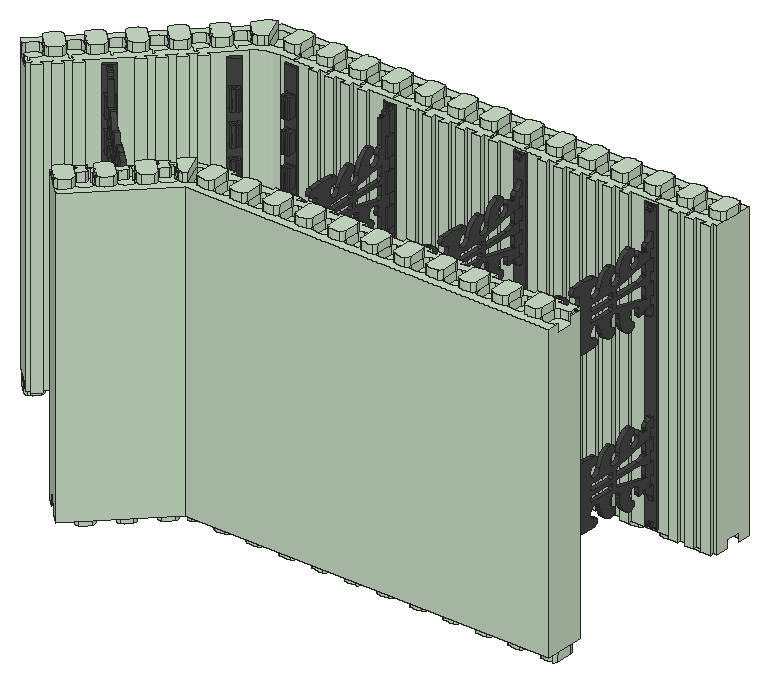
Revit family "ICF- NUDURA 10-inch- 45 Degree Form Unit- Imperial", category Generic Models, Revit 2010
Reference planes (in)
  plane 1 "Center (Front/Back)": y = 0
  plane 2: z = 0
  plane 3 "Center (Left/Right)": x = 0
  plane 4: y = 5
  plane 5: y = -5
  plane 6: through (-2.65685, 4.41421, 48) normal (0.7071, -0.7071, 0)
  plane 7: through (4.67464, 4.67464, 48) normal (0.7071, -0.7071, 0)
  plane 8: through (8.21018, 1.13911, 48) normal (0.7071, -0.7071, 0)
  plane 9: z = 18
Forms (in)
  Extrusion 1, solid, material "NUDURA Expanded Polystyrene Foam Insulation"
    sketch origin (0, 0, 0) x (1, 0, 0) y (0, 1, 0)
      loop
        line (-3.15838, 7.625) -> (-12.01911, -1.23573) -> (-10.33973, -2.91511) -> (-10.14091, -2.71629) -> (-10.00821, -2.93714) -> (-9.61058, -2.53952) -> (-9.83144, -2.40681) -> (-9.43381, -2.00919) -> (-9.30111, -2.23004) -> (-8.90348, -1.83241) -> (-9.12433, -1.69971) -> (-8.7267, -1.30208) -> (-8.594, -1.52293) -> (-8.19637, -1.1253) -> (-8.41722, -0.9926) -> (-6.60538, 0.81924) -> (-6.47268, 0.59839) -> (-6.07505, 0.99602) -> (-6.2959, 1.12872) -> (-5.89827, 1.52635) -> (-5.76557, 1.3055) -> (-5.36794, 1.70313) -> (-5.58879, 1.83583) -> (-5.19117, 2.23346) -> (-5.05846, 2.0126) -> (-4.66084, 2.41023) -> (-4.88169, 2.54293) -> (-4.48406, 2.94056) -> (-4.35136, 2.71971) -> (-3.95373, 3.11734) -> (-4.17458, 3.25004) -> (-2.76041, 4.66421)
        arc (-2.76041, 4.66421) -> (-2.11156, 5.09776) -> (-1.34619, 5.25) r 2
        line (-1.34619, 5.25) -> (0.65375, 5.25) -> (0.59142, 5) -> (1.15375, 5) -> (1.09142, 5.25) -> (1.65375, 5.25) -> (1.59142, 5) -> (2.15375, 5) -> (2.09142, 5.25) -> (2.65375, 5.25) -> (2.59142, 5) -> (3.15375, 5) -> (3.09142, 5.25) -> (3.65375, 5.25) -> (3.59142, 5) -> (4.15375, 5) -> (4.09142, 5.25) -> (6.65375, 5.25) -> (6.59142, 5) -> (7.15375, 5) -> (7.09142, 5.25) -> (7.65375, 5.25) -> (7.59142, 5) -> (8.15375, 5) -> (8.09142, 5.25) -> (8.65375, 5.25) -> (8.59142, 5) -> (9.15375, 5) -> (9.09142, 5.25) -> (9.65375, 5.25) -> (9.59142, 5) -> (10.15375, 5) -> (10.09142, 5.25) -> (10.65375, 5.25) -> (10.59142, 5) -> (11.15375, 5) -> (11.09142, 5.25) -> (11.65375, 5.25) -> (11.59142, 5) -> (12.15375, 5) -> (12.09142, 5.25) -> (14.65375, 5.25) -> (14.59142, 5) -> (15.15375, 5) -> (15.09142, 5.25) -> (15.65375, 5.25) -> (15.59142, 5) -> (16.15375, 5) -> (16.09142, 5.25) -> (16.65375, 5.25) -> (16.59142, 5) -> (17.15375, 5) -> (17.09142, 5.25) -> (17.65375, 5.25) -> (17.59142, 5) -> (18.15375, 5) -> (18.09142, 5.25) -> (18.65375, 5.25) -> (18.59142, 5) -> (19.15375, 5) -> (19.09142, 5.25) -> (19.65375, 5.25) -> (19.59142, 5) -> (20.15375, 5) -> (20.09142, 5.25) -> (22.65375, 5.25) -> (22.59142, 5) -> (23.15375, 5) -> (23.09142, 5.25) -> (23.65375, 5.25) -> (23.59142, 5) -> (24.15375, 5) -> (24.09142, 5.25) -> (24.65375, 5.25) -> (24.59142, 5) -> (25.15375, 5) -> (25.09142, 5.25) -> (25.37258, 5.25) -> (25.37258, 7.625) -> (-3.15838, 7.625)
      loop
        line (25.37258, -5.25) -> (25.09142, -5.25) -> (25.15375, -5) -> (24.59142, -5) -> (24.65375, -5.25) -> (24.09142, -5.25) -> (24.15375, -5) -> (23.59142, -5) -> (23.65375, -5.25) -> (23.09142, -5.25) -> (23.15375, -5) -> (22.59142, -5) -> (22.65375, -5.25) -> (20.09142, -5.25) -> (20.15375, -5) -> (19.59142, -5) -> (19.65375, -5.25) -> (19.09142, -5.25) -> (19.15375, -5) -> (18.59142, -5) -> (18.65375, -5.25) -> (18.09142, -5.25) -> (18.15375, -5) -> (17.59142, -5) -> (17.65375, -5.25) -> (17.09142, -5.25) -> (17.15375, -5) -> (16.59142, -5) -> (16.65375, -5.25) -> (16.09142, -5.25) -> (16.15375, -5) -> (15.59142, -5) -> (15.65375, -5.25) -> (15.09142, -5.25) -> (15.15375, -5) -> (14.59142, -5) -> (14.65375, -5.25) -> (12.09142, -5.25) -> (12.15375, -5) -> (11.59142, -5) -> (11.65375, -5.25) -> (11.09142, -5.25) -> (11.15375, -5) -> (10.59142, -5) -> (10.65375, -5.25) -> (10.09142, -5.25) -> (10.15375, -5) -> (9.59142, -5) -> (9.65375, -5.25) -> (9.09142, -5.25) -> (9.15375, -5) -> (8.59142, -5) -> (8.65375, -5.25) -> (8.09142, -5.25) -> (8.15375, -5) -> (7.59142, -5) -> (7.65375, -5.25) -> (7.09142, -5.25) -> (7.15375, -5) -> (6.59142, -5) -> (6.65375, -5.25) -> (4.09142, -5.25) -> (4.15375, -5) -> (3.59142, -5) -> (3.65375, -5.25) -> (3.00305, -5.25)
        arc (3.00305, -5.25) -> (2.23768, -5.40224) -> (1.58883, -5.83579) r 2
        line (1.58883, -5.83579) -> (1.12872, -6.2959) -> (0.99602, -6.07505) -> (0.59839, -6.47268) -> (0.81924, -6.60538) -> (-0.9926, -8.41722) -> (-1.1253, -8.19637) -> (-1.52293, -8.594) -> (-1.30208, -8.7267) -> (-1.69971, -9.12433) -> (-1.83241, -8.90348) -> (-2.23004, -9.30111) -> (-2.00919, -9.43381) -> (-2.40681, -9.83144) -> (-2.53952, -9.61058) -> (-2.93714, -10.00821) -> (-2.71629, -10.14091) -> (-2.91511, -10.33973) -> (-1.23573, -12.01911) -> (3.15838, -7.625) -> (25.37258, -7.625) -> (25.37258, -5.25)
    from 0 to 18
  Extrusion 2, solid, material "NUDURA Expanded Polystyrene Foam Insulation"
    sketch origin (-0.82843, 2, 0) x (1, 0, 0) y (0, 1, 0)
      loop
        line (-1.52741, 3.6875) -> (-2.09947, 5.06856)
        arc (-2.09947, 5.06856) -> (-2.3696, 4.92417) -> (-2.60638, 4.72985) r 1.5625
        line (-2.60638, 4.72985) -> (-2.74959, 4.58664)
        arc (-2.74959, 4.58664) -> (-2.85744, 4.46046) -> (-2.94431, 4.31902) r 1.0625
        arc (-2.94431, 4.31902) -> (-2.96867, 4.16628) -> (-2.8985, 4.02844) r 0.25
        line (-2.8985, 4.02844) -> (-2.24713, 3.37708)
        arc (-2.24713, 3.37708) -> (-2.10929, 3.3069) -> (-1.95655, 3.33126) r 0.25
        arc (-1.95655, 3.33126) -> (-1.81511, 3.41814) -> (-1.68893, 3.52598) r 1.0625
        line (-1.68893, 3.52598) -> (-1.52741, 3.6875)
    from 18 to 18.5
  Extrusion 3, solid, material "NUDURA Expanded Polystyrene Foam Insulation"
    sketch origin (-0.82843, 2, 0) x (1, 0, 0) y (0, 1, 0)
      loop
        line (-1.52741, 3.6875) -> (-1.29899, 3.6875)
        arc (-1.29899, 3.6875) -> (-1.13351, 3.70047) -> (-0.97207, 3.73905) r 1.0625
        arc (-0.97207, 3.73905) -> (-0.84684, 3.82983) -> (-0.79899, 3.97692) r 0.25
        line (-0.79899, 3.97692) -> (-0.79899, 4.89808)
        arc (-0.79899, 4.89808) -> (-0.84684, 5.04517) -> (-0.97207, 5.13595) r 0.25
        arc (-0.97207, 5.13595) -> (-1.13351, 5.17453) -> (-1.29899, 5.1875) r 1.0625
        line (-1.29899, 5.1875) -> (-1.50152, 5.1875)
        arc (-1.50152, 5.1875) -> (-1.80635, 5.15748) -> (-2.09947, 5.06856) r 1.5625
        line (-2.09947, 5.06856) -> (-1.52741, 3.6875)
    from 0 to -0.5
  Extrusion 4, void
    sketch origin (0.57763, -2.23448, 0) x (1, 0, 0) y (0, 1, 0)
      loop
        arc (-1.33783, -8.60117) -> (-1.07021, -8.40645) -> (-0.87549, -8.13883) r 1.0625
        arc (-0.87549, -8.13883) -> (-0.85114, -7.98608) -> (-0.92131, -7.84824) r 0.25
        line (-0.92131, -7.84824) -> (-1.57267, -7.19688)
        arc (-1.57267, -7.19688) -> (-1.64938, -7.14456) -> (-1.7399, -7.12384) r 0.25
        arc (-1.7399, -7.12384) -> (-1.76253, -7.11866) -> (-1.78171, -7.10558) r 0.0625
        line (-1.78171, -7.10558) -> (-2.02643, -6.86086) -> (-2.14723, -6.98165) -> (-1.99053, -7.13835)
        arc (-1.99053, -7.13835) -> (-1.97244, -7.18765) -> (-1.99833, -7.23335) r 0.0625
        arc (-1.99833, -7.23335) -> (-2.18471, -7.40379) -> (-2.32559, -7.6134) r 1.0625
        arc (-2.32559, -7.6134) -> (-2.34995, -7.76615) -> (-2.27978, -7.90399) r 0.25
        line (-2.27978, -7.90399) -> (-1.62842, -8.55535)
        arc (-1.62842, -8.55535) -> (-1.49058, -8.62552) -> (-1.33783, -8.60117) r 0.25
    from 18 to 17.5
  Extrusion 5, void
    sketch origin (1.99184, -0.82027, 0) x (1, 0, 0) y (0, 1, 0)
      loop
        arc (-1.33783, -8.60117) -> (-1.07021, -8.40645) -> (-0.87549, -8.13883) r 1.0625
        arc (-0.87549, -8.13883) -> (-0.85114, -7.98608) -> (-0.92131, -7.84824) r 0.25
        line (-0.92131, -7.84824) -> (-1.57267, -7.19688)
        arc (-1.57267, -7.19688) -> (-1.64938, -7.14456) -> (-1.7399, -7.12384) r 0.25
        arc (-1.7399, -7.12384) -> (-1.76253, -7.11866) -> (-1.78171, -7.10558) r 0.0625
        line (-1.78171, -7.10558) -> (-2.02643, -6.86086) -> (-2.14723, -6.98165) -> (-1.99053, -7.13835)
        arc (-1.99053, -7.13835) -> (-1.97244, -7.18765) -> (-1.99833, -7.23335) r 0.0625
        arc (-1.99833, -7.23335) -> (-2.18471, -7.40379) -> (-2.32559, -7.6134) r 1.0625
        arc (-2.32559, -7.6134) -> (-2.34995, -7.76615) -> (-2.27978, -7.90399) r 0.25
        line (-2.27978, -7.90399) -> (-1.62842, -8.55535)
        arc (-1.62842, -8.55535) -> (-1.49058, -8.62552) -> (-1.33783, -8.60117) r 0.25
    from 18 to 17.5
  Extrusion 6, void
    sketch origin (11.57359, -1.98846, 0) x (0.707107, -0.707107, 0) y (0.707107, 0.707107, 0)
      loop
        arc (-1.33783, -8.60117) -> (-1.07021, -8.40645) -> (-0.87549, -8.13883) r 1.0625
        arc (-0.87549, -8.13883) -> (-0.85114, -7.98608) -> (-0.92131, -7.84824) r 0.25
        line (-0.92131, -7.84824) -> (-1.57267, -7.19688)
        arc (-1.57267, -7.19688) -> (-1.64938, -7.14456) -> (-1.7399, -7.12384) r 0.25
        arc (-1.7399, -7.12384) -> (-1.76253, -7.11866) -> (-1.78171, -7.10558) r 0.0625
        line (-1.78171, -7.10558) -> (-2.02643, -6.86086) -> (-2.14723, -6.98165) -> (-1.99053, -7.13835)
        arc (-1.99053, -7.13835) -> (-1.97244, -7.18765) -> (-1.99833, -7.23335) r 0.0625
        arc (-1.99833, -7.23335) -> (-2.18471, -7.40379) -> (-2.32559, -7.6134) r 1.0625
        arc (-2.32559, -7.6134) -> (-2.34995, -7.76615) -> (-2.27978, -7.90399) r 0.25
        line (-2.27978, -7.90399) -> (-1.62842, -8.55535)
        arc (-1.62842, -8.55535) -> (-1.49058, -8.62552) -> (-1.33783, -8.60117) r 0.25
    from 18 to 17.5
  Extrusion 7, void
    sketch origin (13.57359, -1.98846, 0) x (0.707107, -0.707107, 0) y (0.707107, 0.707107, 0)
      loop
        arc (-1.33783, -8.60117) -> (-1.07021, -8.40645) -> (-0.87549, -8.13883) r 1.0625
        arc (-0.87549, -8.13883) -> (-0.85114, -7.98608) -> (-0.92131, -7.84824) r 0.25
        line (-0.92131, -7.84824) -> (-1.57267, -7.19688)
        arc (-1.57267, -7.19688) -> (-1.64938, -7.14456) -> (-1.7399, -7.12384) r 0.25
        arc (-1.7399, -7.12384) -> (-1.76253, -7.11866) -> (-1.78171, -7.10558) r 0.0625
        line (-1.78171, -7.10558) -> (-2.02643, -6.86086) -> (-2.14723, -6.98165) -> (-1.99053, -7.13835)
        arc (-1.99053, -7.13835) -> (-1.97244, -7.18765) -> (-1.99833, -7.23335) r 0.0625
        arc (-1.99833, -7.23335) -> (-2.18471, -7.40379) -> (-2.32559, -7.6134) r 1.0625
        arc (-2.32559, -7.6134) -> (-2.34995, -7.76615) -> (-2.27978, -7.90399) r 0.25
        line (-2.27978, -7.90399) -> (-1.62842, -8.55535)
        arc (-1.62842, -8.55535) -> (-1.49058, -8.62552) -> (-1.33783, -8.60117) r 0.25
    from 18 to 17.5
  Extrusion 8, void
    sketch origin (15.57359, -1.98846, 0) x (0.707107, -0.707107, 0) y (0.707107, 0.707107, 0)
      loop
        arc (-1.33783, -8.60117) -> (-1.07021, -8.40645) -> (-0.87549, -8.13883) r 1.0625
        arc (-0.87549, -8.13883) -> (-0.85114, -7.98608) -> (-0.92131, -7.84824) r 0.25
        line (-0.92131, -7.84824) -> (-1.57267, -7.19688)
        arc (-1.57267, -7.19688) -> (-1.64938, -7.14456) -> (-1.7399, -7.12384) r 0.25
        arc (-1.7399, -7.12384) -> (-1.76253, -7.11866) -> (-1.78171, -7.10558) r 0.0625
        line (-1.78171, -7.10558) -> (-2.02643, -6.86086) -> (-2.14723, -6.98165) -> (-1.99053, -7.13835)
        arc (-1.99053, -7.13835) -> (-1.97244, -7.18765) -> (-1.99833, -7.23335) r 0.0625
        arc (-1.99833, -7.23335) -> (-2.18471, -7.40379) -> (-2.32559, -7.6134) r 1.0625
        arc (-2.32559, -7.6134) -> (-2.34995, -7.76615) -> (-2.27978, -7.90399) r 0.25
        line (-2.27978, -7.90399) -> (-1.62842, -8.55535)
        arc (-1.62842, -8.55535) -> (-1.49058, -8.62552) -> (-1.33783, -8.60117) r 0.25
    from 18 to 17.5
  Extrusion 9, void
    sketch origin (17.57359, -1.98846, 0) x (0.707107, -0.707107, 0) y (0.707107, 0.707107, 0)
      loop
        arc (-1.33783, -8.60117) -> (-1.07021, -8.40645) -> (-0.87549, -8.13883) r 1.0625
        arc (-0.87549, -8.13883) -> (-0.85114, -7.98608) -> (-0.92131, -7.84824) r 0.25
        line (-0.92131, -7.84824) -> (-1.57267, -7.19688)
        arc (-1.57267, -7.19688) -> (-1.64938, -7.14456) -> (-1.7399, -7.12384) r 0.25
        arc (-1.7399, -7.12384) -> (-1.76253, -7.11866) -> (-1.78171, -7.10558) r 0.0625
        line (-1.78171, -7.10558) -> (-2.02643, -6.86086) -> (-2.14723, -6.98165) -> (-1.99053, -7.13835)
        arc (-1.99053, -7.13835) -> (-1.97244, -7.18765) -> (-1.99833, -7.23335) r 0.0625
        arc (-1.99833, -7.23335) -> (-2.18471, -7.40379) -> (-2.32559, -7.6134) r 1.0625
        arc (-2.32559, -7.6134) -> (-2.34995, -7.76615) -> (-2.27978, -7.90399) r 0.25
        line (-2.27978, -7.90399) -> (-1.62842, -8.55535)
        arc (-1.62842, -8.55535) -> (-1.49058, -8.62552) -> (-1.33783, -8.60117) r 0.25
    from 18 to 17.5
  Extrusion 10, void
    sketch origin (19.57359, -1.98846, 0) x (0.707107, -0.707107, 0) y (0.707107, 0.707107, 0)
      loop
        arc (-1.33783, -8.60117) -> (-1.07021, -8.40645) -> (-0.87549, -8.13883) r 1.0625
        arc (-0.87549, -8.13883) -> (-0.85114, -7.98608) -> (-0.92131, -7.84824) r 0.25
        line (-0.92131, -7.84824) -> (-1.57267, -7.19688)
        arc (-1.57267, -7.19688) -> (-1.64938, -7.14456) -> (-1.7399, -7.12384) r 0.25
        arc (-1.7399, -7.12384) -> (-1.76253, -7.11866) -> (-1.78171, -7.10558) r 0.0625
        line (-1.78171, -7.10558) -> (-2.02643, -6.86086) -> (-2.14723, -6.98165) -> (-1.99053, -7.13835)
        arc (-1.99053, -7.13835) -> (-1.97244, -7.18765) -> (-1.99833, -7.23335) r 0.0625
        arc (-1.99833, -7.23335) -> (-2.18471, -7.40379) -> (-2.32559, -7.6134) r 1.0625
        arc (-2.32559, -7.6134) -> (-2.34995, -7.76615) -> (-2.27978, -7.90399) r 0.25
        line (-2.27978, -7.90399) -> (-1.62842, -8.55535)
        arc (-1.62842, -8.55535) -> (-1.49058, -8.62552) -> (-1.33783, -8.60117) r 0.25
    from 18 to 17.5
  Extrusion 11, void
    sketch origin (21.57359, -1.98846, 0) x (0.707107, -0.707107, 0) y (0.707107, 0.707107, 0)
      loop
        arc (-1.33783, -8.60117) -> (-1.07021, -8.40645) -> (-0.87549, -8.13883) r 1.0625
        arc (-0.87549, -8.13883) -> (-0.85114, -7.98608) -> (-0.92131, -7.84824) r 0.25
        line (-0.92131, -7.84824) -> (-1.57267, -7.19688)
        arc (-1.57267, -7.19688) -> (-1.64938, -7.14456) -> (-1.7399, -7.12384) r 0.25
        arc (-1.7399, -7.12384) -> (-1.76253, -7.11866) -> (-1.78171, -7.10558) r 0.0625
        line (-1.78171, -7.10558) -> (-2.02643, -6.86086) -> (-2.14723, -6.98165) -> (-1.99053, -7.13835)
        arc (-1.99053, -7.13835) -> (-1.97244, -7.18765) -> (-1.99833, -7.23335) r 0.0625
        arc (-1.99833, -7.23335) -> (-2.18471, -7.40379) -> (-2.32559, -7.6134) r 1.0625
        arc (-2.32559, -7.6134) -> (-2.34995, -7.76615) -> (-2.27978, -7.90399) r 0.25
        line (-2.27978, -7.90399) -> (-1.62842, -8.55535)
        arc (-1.62842, -8.55535) -> (-1.49058, -8.62552) -> (-1.33783, -8.60117) r 0.25
    from 18 to 17.5
  Extrusion 12, void
    sketch origin (23.57359, -1.98846, 0) x (0.707107, -0.707107, 0) y (0.707107, 0.707107, 0)
      loop
        arc (-1.33783, -8.60117) -> (-1.07021, -8.40645) -> (-0.87549, -8.13883) r 1.0625
        arc (-0.87549, -8.13883) -> (-0.85114, -7.98608) -> (-0.92131, -7.84824) r 0.25
        line (-0.92131, -7.84824) -> (-1.57267, -7.19688)
        arc (-1.57267, -7.19688) -> (-1.64938, -7.14456) -> (-1.7399, -7.12384) r 0.25
        arc (-1.7399, -7.12384) -> (-1.76253, -7.11866) -> (-1.78171, -7.10558) r 0.0625
        line (-1.78171, -7.10558) -> (-2.02643, -6.86086) -> (-2.14723, -6.98165) -> (-1.99053, -7.13835)
        arc (-1.99053, -7.13835) -> (-1.97244, -7.18765) -> (-1.99833, -7.23335) r 0.0625
        arc (-1.99833, -7.23335) -> (-2.18471, -7.40379) -> (-2.32559, -7.6134) r 1.0625
        arc (-2.32559, -7.6134) -> (-2.34995, -7.76615) -> (-2.27978, -7.90399) r 0.25
        line (-2.27978, -7.90399) -> (-1.62842, -8.55535)
        arc (-1.62842, -8.55535) -> (-1.49058, -8.62552) -> (-1.33783, -8.60117) r 0.25
    from 18 to 17.5
  Extrusion 13, void
    sketch origin (25.57359, -1.98846, 0) x (0.707107, -0.707107, 0) y (0.707107, 0.707107, 0)
      loop
        arc (-1.33783, -8.60117) -> (-1.07021, -8.40645) -> (-0.87549, -8.13883) r 1.0625
        arc (-0.87549, -8.13883) -> (-0.85114, -7.98608) -> (-0.92131, -7.84824) r 0.25
        line (-0.92131, -7.84824) -> (-1.57267, -7.19688)
        arc (-1.57267, -7.19688) -> (-1.64938, -7.14456) -> (-1.7399, -7.12384) r 0.25
        arc (-1.7399, -7.12384) -> (-1.76253, -7.11866) -> (-1.78171, -7.10558) r 0.0625
        line (-1.78171, -7.10558) -> (-2.02643, -6.86086) -> (-2.14723, -6.98165) -> (-1.99053, -7.13835)
        arc (-1.99053, -7.13835) -> (-1.97244, -7.18765) -> (-1.99833, -7.23335) r 0.0625
        arc (-1.99833, -7.23335) -> (-2.18471, -7.40379) -> (-2.32559, -7.6134) r 1.0625
        arc (-2.32559, -7.6134) -> (-2.34995, -7.76615) -> (-2.27978, -7.90399) r 0.25
        line (-2.27978, -7.90399) -> (-1.62842, -8.55535)
        arc (-1.62842, -8.55535) -> (-1.49058, -8.62552) -> (-1.33783, -8.60117) r 0.25
    from 18 to 17.5
  Extrusion 14, void
    sketch origin (27.57359, -1.98846, 0) x (0.707107, -0.707107, 0) y (0.707107, 0.707107, 0)
      loop
        arc (-1.33783, -8.60117) -> (-1.07021, -8.40645) -> (-0.87549, -8.13883) r 1.0625
        arc (-0.87549, -8.13883) -> (-0.85114, -7.98608) -> (-0.92131, -7.84824) r 0.25
        line (-0.92131, -7.84824) -> (-1.57267, -7.19688)
        arc (-1.57267, -7.19688) -> (-1.64938, -7.14456) -> (-1.7399, -7.12384) r 0.25
        arc (-1.7399, -7.12384) -> (-1.76253, -7.11866) -> (-1.78171, -7.10558) r 0.0625
        line (-1.78171, -7.10558) -> (-2.02643, -6.86086) -> (-2.14723, -6.98165) -> (-1.99053, -7.13835)
        arc (-1.99053, -7.13835) -> (-1.97244, -7.18765) -> (-1.99833, -7.23335) r 0.0625
        arc (-1.99833, -7.23335) -> (-2.18471, -7.40379) -> (-2.32559, -7.6134) r 1.0625
        arc (-2.32559, -7.6134) -> (-2.34995, -7.76615) -> (-2.27978, -7.90399) r 0.25
        line (-2.27978, -7.90399) -> (-1.62842, -8.55535)
        arc (-1.62842, -8.55535) -> (-1.49058, -8.62552) -> (-1.33783, -8.60117) r 0.25
    from 18 to 17.5
  Extrusion 15, void
    sketch origin (29.57359, -1.98846, 0) x (0.707107, -0.707107, 0) y (0.707107, 0.707107, 0)
      loop
        arc (-1.33783, -8.60117) -> (-1.07021, -8.40645) -> (-0.87549, -8.13883) r 1.0625
        arc (-0.87549, -8.13883) -> (-0.85114, -7.98608) -> (-0.92131, -7.84824) r 0.25
        line (-0.92131, -7.84824) -> (-1.57267, -7.19688)
        arc (-1.57267, -7.19688) -> (-1.64938, -7.14456) -> (-1.7399, -7.12384) r 0.25
        arc (-1.7399, -7.12384) -> (-1.76253, -7.11866) -> (-1.78171, -7.10558) r 0.0625
        line (-1.78171, -7.10558) -> (-2.02643, -6.86086) -> (-2.14723, -6.98165) -> (-1.99053, -7.13835)
        arc (-1.99053, -7.13835) -> (-1.97244, -7.18765) -> (-1.99833, -7.23335) r 0.0625
        arc (-1.99833, -7.23335) -> (-2.18471, -7.40379) -> (-2.32559, -7.6134) r 1.0625
        arc (-2.32559, -7.6134) -> (-2.34995, -7.76615) -> (-2.27978, -7.90399) r 0.25
        line (-2.27978, -7.90399) -> (-1.62842, -8.55535)
        arc (-1.62842, -8.55535) -> (-1.49058, -8.62552) -> (-1.33783, -8.60117) r 0.25
    from 18 to 17.5
  Extrusion 16, void
    sketch origin (31.57359, -1.98846, 0) x (0.707107, -0.707107, 0) y (0.707107, 0.707107, 0)
      loop
        arc (-1.33783, -8.60117) -> (-1.07021, -8.40645) -> (-0.87549, -8.13883) r 1.0625
        arc (-0.87549, -8.13883) -> (-0.85114, -7.98608) -> (-0.92131, -7.84824) r 0.25
        line (-0.92131, -7.84824) -> (-1.57267, -7.19688)
        arc (-1.57267, -7.19688) -> (-1.64938, -7.14456) -> (-1.7399, -7.12384) r 0.25
        arc (-1.7399, -7.12384) -> (-1.76253, -7.11866) -> (-1.78171, -7.10558) r 0.0625
        line (-1.78171, -7.10558) -> (-2.02643, -6.86086) -> (-2.14723, -6.98165) -> (-1.99053, -7.13835)
        arc (-1.99053, -7.13835) -> (-1.97244, -7.18765) -> (-1.99833, -7.23335) r 0.0625
        arc (-1.99833, -7.23335) -> (-2.18471, -7.40379) -> (-2.32559, -7.6134) r 1.0625
        arc (-2.32559, -7.6134) -> (-2.34995, -7.76615) -> (-2.27978, -7.90399) r 0.25
        line (-2.27978, -7.90399) -> (-1.62842, -8.55535)
        arc (-1.62842, -8.55535) -> (-1.49058, -8.62552) -> (-1.33783, -8.60117) r 0.25
    from 18 to 17.5
  Extrusion 17, void
    sketch origin (13.17157, 2, 0) x (-0.707107, 0.707107, 0) y (-0.707107, -0.707107, 0)
      loop
        arc (-1.33783, -8.60117) -> (-1.07021, -8.40645) -> (-0.87549, -8.13883) r 1.0625
        arc (-0.87549, -8.13883) -> (-0.85114, -7.98608) -> (-0.92131, -7.84824) r 0.25
        line (-0.92131, -7.84824) -> (-1.57267, -7.19688)
        arc (-1.57267, -7.19688) -> (-1.64938, -7.14456) -> (-1.7399, -7.12384) r 0.25
        arc (-1.7399, -7.12384) -> (-1.76253, -7.11866) -> (-1.78171, -7.10558) r 0.0625
        line (-1.78171, -7.10558) -> (-2.02643, -6.86086) -> (-2.14723, -6.98165) -> (-1.99053, -7.13835)
        arc (-1.99053, -7.13835) -> (-1.97244, -7.18765) -> (-1.99833, -7.23335) r 0.0625
        arc (-1.99833, -7.23335) -> (-2.18471, -7.40379) -> (-2.32559, -7.6134) r 1.0625
        arc (-2.32559, -7.6134) -> (-2.34995, -7.76615) -> (-2.27978, -7.90399) r 0.25
        line (-2.27978, -7.90399) -> (-1.62842, -8.55535)
        arc (-1.62842, -8.55535) -> (-1.49058, -8.62552) -> (-1.33783, -8.60117) r 0.25
    from 18 to 17.5
  Extrusion 18, void
    sketch origin (15.17157, 2, 0) x (-0.707107, 0.707107, 0) y (-0.707107, -0.707107, 0)
      loop
        arc (-1.33783, -8.60117) -> (-1.07021, -8.40645) -> (-0.87549, -8.13883) r 1.0625
        arc (-0.87549, -8.13883) -> (-0.85114, -7.98608) -> (-0.92131, -7.84824) r 0.25
        line (-0.92131, -7.84824) -> (-1.57267, -7.19688)
        arc (-1.57267, -7.19688) -> (-1.64938, -7.14456) -> (-1.7399, -7.12384) r 0.25
        arc (-1.7399, -7.12384) -> (-1.76253, -7.11866) -> (-1.78171, -7.10558) r 0.0625
        line (-1.78171, -7.10558) -> (-2.02643, -6.86086) -> (-2.14723, -6.98165) -> (-1.99053, -7.13835)
        arc (-1.99053, -7.13835) -> (-1.97244, -7.18765) -> (-1.99833, -7.23335) r 0.0625
        arc (-1.99833, -7.23335) -> (-2.18471, -7.40379) -> (-2.32559, -7.6134) r 1.0625
        arc (-2.32559, -7.6134) -> (-2.34995, -7.76615) -> (-2.27978, -7.90399) r 0.25
        line (-2.27978, -7.90399) -> (-1.62842, -8.55535)
        arc (-1.62842, -8.55535) -> (-1.49058, -8.62552) -> (-1.33783, -8.60117) r 0.25
    from 18 to 17.5
  Extrusion 19, void
    sketch origin (11.17157, 2, 0) x (-0.707107, 0.707107, 0) y (-0.707107, -0.707107, 0)
      loop
        arc (-1.33783, -8.60117) -> (-1.07021, -8.40645) -> (-0.87549, -8.13883) r 1.0625
        arc (-0.87549, -8.13883) -> (-0.85114, -7.98608) -> (-0.92131, -7.84824) r 0.25
        line (-0.92131, -7.84824) -> (-1.57267, -7.19688)
        arc (-1.57267, -7.19688) -> (-1.64938, -7.14456) -> (-1.7399, -7.12384) r 0.25
        arc (-1.7399, -7.12384) -> (-1.76253, -7.11866) -> (-1.78171, -7.10558) r 0.0625
        line (-1.78171, -7.10558) -> (-2.02643, -6.86086) -> (-2.14723, -6.98165) -> (-1.99053, -7.13835)
        arc (-1.99053, -7.13835) -> (-1.97244, -7.18765) -> (-1.99833, -7.23335) r 0.0625
        arc (-1.99833, -7.23335) -> (-2.18471, -7.40379) -> (-2.32559, -7.6134) r 1.0625
        arc (-2.32559, -7.6134) -> (-2.34995, -7.76615) -> (-2.27978, -7.90399) r 0.25
        line (-2.27978, -7.90399) -> (-1.62842, -8.55535)
        arc (-1.62842, -8.55535) -> (-1.49058, -8.62552) -> (-1.33783, -8.60117) r 0.25
    from 18 to 17.5
  Extrusion 20, void
    sketch origin (9.17157, 2, 0) x (-0.707107, 0.707107, 0) y (-0.707107, -0.707107, 0)
      loop
        arc (-1.33783, -8.60117) -> (-1.07021, -8.40645) -> (-0.87549, -8.13883) r 1.0625
        arc (-0.87549, -8.13883) -> (-0.85114, -7.98608) -> (-0.92131, -7.84824) r 0.25
        line (-0.92131, -7.84824) -> (-1.57267, -7.19688)
        arc (-1.57267, -7.19688) -> (-1.64938, -7.14456) -> (-1.7399, -7.12384) r 0.25
        arc (-1.7399, -7.12384) -> (-1.76253, -7.11866) -> (-1.78171, -7.10558) r 0.0625
        line (-1.78171, -7.10558) -> (-2.02643, -6.86086) -> (-2.14723, -6.98165) -> (-1.99053, -7.13835)
        arc (-1.99053, -7.13835) -> (-1.97244, -7.18765) -> (-1.99833, -7.23335) r 0.0625
        arc (-1.99833, -7.23335) -> (-2.18471, -7.40379) -> (-2.32559, -7.6134) r 1.0625
        arc (-2.32559, -7.6134) -> (-2.34995, -7.76615) -> (-2.27978, -7.90399) r 0.25
        line (-2.27978, -7.90399) -> (-1.62842, -8.55535)
        arc (-1.62842, -8.55535) -> (-1.49058, -8.62552) -> (-1.33783, -8.60117) r 0.25
    from 18 to 17.5
  Extrusion 21, void
    sketch origin (7.17157, 2, 0) x (-0.707107, 0.707107, 0) y (-0.707107, -0.707107, 0)
      loop
        arc (-1.33783, -8.60117) -> (-1.07021, -8.40645) -> (-0.87549, -8.13883) r 1.0625
        arc (-0.87549, -8.13883) -> (-0.85114, -7.98608) -> (-0.92131, -7.84824) r 0.25
        line (-0.92131, -7.84824) -> (-1.57267, -7.19688)
        arc (-1.57267, -7.19688) -> (-1.64938, -7.14456) -> (-1.7399, -7.12384) r 0.25
        arc (-1.7399, -7.12384) -> (-1.76253, -7.11866) -> (-1.78171, -7.10558) r 0.0625
        line (-1.78171, -7.10558) -> (-2.02643, -6.86086) -> (-2.14723, -6.98165) -> (-1.99053, -7.13835)
        arc (-1.99053, -7.13835) -> (-1.97244, -7.18765) -> (-1.99833, -7.23335) r 0.0625
        arc (-1.99833, -7.23335) -> (-2.18471, -7.40379) -> (-2.32559, -7.6134) r 1.0625
        arc (-2.32559, -7.6134) -> (-2.34995, -7.76615) -> (-2.27978, -7.90399) r 0.25
        line (-2.27978, -7.90399) -> (-1.62842, -8.55535)
        arc (-1.62842, -8.55535) -> (-1.49058, -8.62552) -> (-1.33783, -8.60117) r 0.25
    from 18 to 17.5
  Extrusion 22, void
    sketch origin (5.17157, 2, 0) x (-0.707107, 0.707107, 0) y (-0.707107, -0.707107, 0)
      loop
        arc (-1.33783, -8.60117) -> (-1.07021, -8.40645) -> (-0.87549, -8.13883) r 1.0625
        arc (-0.87549, -8.13883) -> (-0.85114, -7.98608) -> (-0.92131, -7.84824) r 0.25
        line (-0.92131, -7.84824) -> (-1.57267, -7.19688)
        arc (-1.57267, -7.19688) -> (-1.64938, -7.14456) -> (-1.7399, -7.12384) r 0.25
        arc (-1.7399, -7.12384) -> (-1.76253, -7.11866) -> (-1.78171, -7.10558) r 0.0625
        line (-1.78171, -7.10558) -> (-2.02643, -6.86086) -> (-2.14723, -6.98165) -> (-1.99053, -7.13835)
        arc (-1.99053, -7.13835) -> (-1.97244, -7.18765) -> (-1.99833, -7.23335) r 0.0625
        arc (-1.99833, -7.23335) -> (-2.18471, -7.40379) -> (-2.32559, -7.6134) r 1.0625
        arc (-2.32559, -7.6134) -> (-2.34995, -7.76615) -> (-2.27978, -7.90399) r 0.25
        line (-2.27978, -7.90399) -> (-1.62842, -8.55535)
        arc (-1.62842, -8.55535) -> (-1.49058, -8.62552) -> (-1.33783, -8.60117) r 0.25
    from 18 to 17.5
  Extrusion 23, void
    sketch origin (3.17157, 2, 0) x (-0.707107, 0.707107, 0) y (-0.707107, -0.707107, 0)
      loop
        arc (-1.33783, -8.60117) -> (-1.07021, -8.40645) -> (-0.87549, -8.13883) r 1.0625
        arc (-0.87549, -8.13883) -> (-0.85114, -7.98608) -> (-0.92131, -7.84824) r 0.25
        line (-0.92131, -7.84824) -> (-1.57267, -7.19688)
        arc (-1.57267, -7.19688) -> (-1.64938, -7.14456) -> (-1.7399, -7.12384) r 0.25
        arc (-1.7399, -7.12384) -> (-1.76253, -7.11866) -> (-1.78171, -7.10558) r 0.0625
        line (-1.78171, -7.10558) -> (-2.02643, -6.86086) -> (-2.14723, -6.98165) -> (-1.99053, -7.13835)
        arc (-1.99053, -7.13835) -> (-1.97244, -7.18765) -> (-1.99833, -7.23335) r 0.0625
        arc (-1.99833, -7.23335) -> (-2.18471, -7.40379) -> (-2.32559, -7.6134) r 1.0625
        arc (-2.32559, -7.6134) -> (-2.34995, -7.76615) -> (-2.27978, -7.90399) r 0.25
        line (-2.27978, -7.90399) -> (-1.62842, -8.55535)
        arc (-1.62842, -8.55535) -> (-1.49058, -8.62552) -> (-1.33783, -8.60117) r 0.25
    from 18 to 17.5
  Extrusion 24, void
    sketch origin (1.17157, 2, 0) x (-0.707107, 0.707107, 0) y (-0.707107, -0.707107, 0)
      loop
        arc (-1.33783, -8.60117) -> (-1.07021, -8.40645) -> (-0.87549, -8.13883) r 1.0625
        arc (-0.87549, -8.13883) -> (-0.85114, -7.98608) -> (-0.92131, -7.84824) r 0.25
        line (-0.92131, -7.84824) -> (-1.57267, -7.19688)
        arc (-1.57267, -7.19688) -> (-1.64938, -7.14456) -> (-1.7399, -7.12384) r 0.25
        arc (-1.7399, -7.12384) -> (-1.76253, -7.11866) -> (-1.78171, -7.10558) r 0.0625
        line (-1.78171, -7.10558) -> (-2.02643, -6.86086) -> (-2.14723, -6.98165) -> (-1.99053, -7.13835)
        arc (-1.99053, -7.13835) -> (-1.97244, -7.18765) -> (-1.99833, -7.23335) r 0.0625
        arc (-1.99833, -7.23335) -> (-2.18471, -7.40379) -> (-2.32559, -7.6134) r 1.0625
        arc (-2.32559, -7.6134) -> (-2.34995, -7.76615) -> (-2.27978, -7.90399) r 0.25
        line (-2.27978, -7.90399) -> (-1.62842, -8.55535)
        arc (-1.62842, -8.55535) -> (-1.49058, -8.62552) -> (-1.33783, -8.60117) r 0.25
    from 18 to 17.5
  Extrusion 25, void
    sketch origin (-0.82843, 2, 0) x (-0.707107, 0.707107, 0) y (-0.707107, -0.707107, 0)
      loop
        arc (-1.33783, -8.60117) -> (-1.07021, -8.40645) -> (-0.87549, -8.13883) r 1.0625
        arc (-0.87549, -8.13883) -> (-0.85114, -7.98608) -> (-0.92131, -7.84824) r 0.25
        line (-0.92131, -7.84824) -> (-1.57267, -7.19688)
        arc (-1.57267, -7.19688) -> (-1.64938, -7.14456) -> (-1.7399, -7.12384) r 0.25
        arc (-1.7399, -7.12384) -> (-1.76253, -7.11866) -> (-1.78171, -7.10558) r 0.0625
        line (-1.78171, -7.10558) -> (-2.02643, -6.86086) -> (-2.14723, -6.98165) -> (-1.99053, -7.13835)
        arc (-1.99053, -7.13835) -> (-1.97244, -7.18765) -> (-1.99833, -7.23335) r 0.0625
        arc (-1.99833, -7.23335) -> (-2.18471, -7.40379) -> (-2.32559, -7.6134) r 1.0625
        arc (-2.32559, -7.6134) -> (-2.34995, -7.76615) -> (-2.27978, -7.90399) r 0.25
        line (-2.27978, -7.90399) -> (-1.62842, -8.55535)
        arc (-1.62842, -8.55535) -> (-1.49058, -8.62552) -> (-1.33783, -8.60117) r 0.25
    from 18 to 17.5
  Extrusion 26, void
    sketch origin (-2.82843, 2, 0) x (-0.707107, 0.707107, 0) y (-0.707107, -0.707107, 0)
      loop
        arc (-1.33783, -8.60117) -> (-1.07021, -8.40645) -> (-0.87549, -8.13883) r 1.0625
        arc (-0.87549, -8.13883) -> (-0.85114, -7.98608) -> (-0.92131, -7.84824) r 0.25
        line (-0.92131, -7.84824) -> (-1.57267, -7.19688)
        arc (-1.57267, -7.19688) -> (-1.64938, -7.14456) -> (-1.7399, -7.12384) r 0.25
        arc (-1.7399, -7.12384) -> (-1.76253, -7.11866) -> (-1.78171, -7.10558) r 0.0625
        line (-1.78171, -7.10558) -> (-2.02643, -6.86086) -> (-2.14723, -6.98165) -> (-1.99053, -7.13835)
        arc (-1.99053, -7.13835) -> (-1.97244, -7.18765) -> (-1.99833, -7.23335) r 0.0625
        arc (-1.99833, -7.23335) -> (-2.18471, -7.40379) -> (-2.32559, -7.6134) r 1.0625
        arc (-2.32559, -7.6134) -> (-2.34995, -7.76615) -> (-2.27978, -7.90399) r 0.25
        line (-2.27978, -7.90399) -> (-1.62842, -8.55535)
        arc (-1.62842, -8.55535) -> (-1.49058, -8.62552) -> (-1.33783, -8.60117) r 0.25
    from 18 to 17.5
  Extrusion 27, void
    sketch origin (-4.82843, 2, 0) x (-0.707107, 0.707107, 0) y (-0.707107, -0.707107, 0)
      loop
        arc (-1.33783, -8.60117) -> (-1.07021, -8.40645) -> (-0.87549, -8.13883) r 1.0625
        arc (-0.87549, -8.13883) -> (-0.85114, -7.98608) -> (-0.92131, -7.84824) r 0.25
        line (-0.92131, -7.84824) -> (-1.57267, -7.19688)
        arc (-1.57267, -7.19688) -> (-1.64938, -7.14456) -> (-1.7399, -7.12384) r 0.25
        arc (-1.7399, -7.12384) -> (-1.76253, -7.11866) -> (-1.78171, -7.10558) r 0.0625
        line (-1.78171, -7.10558) -> (-2.02643, -6.86086) -> (-2.14723, -6.98165) -> (-1.99053, -7.13835)
        arc (-1.99053, -7.13835) -> (-1.97244, -7.18765) -> (-1.99833, -7.23335) r 0.0625
        arc (-1.99833, -7.23335) -> (-2.18471, -7.40379) -> (-2.32559, -7.6134) r 1.0625
        arc (-2.32559, -7.6134) -> (-2.34995, -7.76615) -> (-2.27978, -7.90399) r 0.25
        line (-2.27978, -7.90399) -> (-1.62842, -8.55535)
        arc (-1.62842, -8.55535) -> (-1.49058, -8.62552) -> (-1.33783, -8.60117) r 0.25
    from 18 to 17.5
  Extrusion 28, void
    sketch origin (-6.82843, 2, 0) x (-0.707107, 0.707107, 0) y (-0.707107, -0.707107, 0)
      loop
        arc (-1.33783, -8.60117) -> (-1.07021, -8.40645) -> (-0.87549, -8.13883) r 1.0625
        arc (-0.87549, -8.13883) -> (-0.85114, -7.98608) -> (-0.92131, -7.84824) r 0.25
        line (-0.92131, -7.84824) -> (-1.57267, -7.19688)
        arc (-1.57267, -7.19688) -> (-1.64938, -7.14456) -> (-1.7399, -7.12384) r 0.25
        arc (-1.7399, -7.12384) -> (-1.76253, -7.11866) -> (-1.78171, -7.10558) r 0.0625
        line (-1.78171, -7.10558) -> (-2.02643, -6.86086) -> (-2.14723, -6.98165) -> (-1.99053, -7.13835)
        arc (-1.99053, -7.13835) -> (-1.97244, -7.18765) -> (-1.99833, -7.23335) r 0.0625
        arc (-1.99833, -7.23335) -> (-2.18471, -7.40379) -> (-2.32559, -7.6134) r 1.0625
        arc (-2.32559, -7.6134) -> (-2.34995, -7.76615) -> (-2.27978, -7.90399) r 0.25
        line (-2.27978, -7.90399) -> (-1.62842, -8.55535)
        arc (-1.62842, -8.55535) -> (-1.49058, -8.62552) -> (-1.33783, -8.60117) r 0.25
    from 18 to 17.5
  Extrusion 29, void
    sketch origin (-11.01219, -8.18377, 0) x (-1, 0, 0) y (0, -1, 0)
      loop
        arc (-1.33783, -8.60117) -> (-1.07021, -8.40645) -> (-0.87549, -8.13883) r 1.0625
        arc (-0.87549, -8.13883) -> (-0.85114, -7.98608) -> (-0.92131, -7.84824) r 0.25
        line (-0.92131, -7.84824) -> (-1.57267, -7.19688)
        arc (-1.57267, -7.19688) -> (-1.64938, -7.14456) -> (-1.7399, -7.12384) r 0.25
        arc (-1.7399, -7.12384) -> (-1.76253, -7.11866) -> (-1.78171, -7.10558) r 0.0625
        line (-1.78171, -7.10558) -> (-2.02643, -6.86086) -> (-2.14723, -6.98165) -> (-1.99053, -7.13835)
        arc (-1.99053, -7.13835) -> (-1.97244, -7.18765) -> (-1.99833, -7.23335) r 0.0625
        arc (-1.99833, -7.23335) -> (-2.18471, -7.40379) -> (-2.32559, -7.6134) r 1.0625
        arc (-2.32559, -7.6134) -> (-2.34995, -7.76615) -> (-2.27978, -7.90399) r 0.25
        line (-2.27978, -7.90399) -> (-1.62842, -8.55535)
        arc (-1.62842, -8.55535) -> (-1.49058, -8.62552) -> (-1.33783, -8.60117) r 0.25
    from 18 to 17.5
  Extrusion 30, void
    sketch origin (-9.59798, -6.76955, 0) x (-1, 0, 0) y (0, -1, 0)
      loop
        arc (-1.33783, -8.60117) -> (-1.07021, -8.40645) -> (-0.87549, -8.13883) r 1.0625
        arc (-0.87549, -8.13883) -> (-0.85114, -7.98608) -> (-0.92131, -7.84824) r 0.25
        line (-0.92131, -7.84824) -> (-1.57267, -7.19688)
        arc (-1.57267, -7.19688) -> (-1.64938, -7.14456) -> (-1.7399, -7.12384) r 0.25
        arc (-1.7399, -7.12384) -> (-1.76253, -7.11866) -> (-1.78171, -7.10558) r 0.0625
        line (-1.78171, -7.10558) -> (-2.02643, -6.86086) -> (-2.14723, -6.98165) -> (-1.99053, -7.13835)
        arc (-1.99053, -7.13835) -> (-1.97244, -7.18765) -> (-1.99833, -7.23335) r 0.0625
        arc (-1.99833, -7.23335) -> (-2.18471, -7.40379) -> (-2.32559, -7.6134) r 1.0625
        arc (-2.32559, -7.6134) -> (-2.34995, -7.76615) -> (-2.27978, -7.90399) r 0.25
        line (-2.27978, -7.90399) -> (-1.62842, -8.55535)
        arc (-1.62842, -8.55535) -> (-1.49058, -8.62552) -> (-1.33783, -8.60117) r 0.25
    from 18 to 17.5
  Extrusion 31, void
    sketch origin (-8.18377, -5.35534, 0) x (-1, 0, 0) y (0, -1, 0)
      loop
        arc (-1.33783, -8.60117) -> (-1.07021, -8.40645) -> (-0.87549, -8.13883) r 1.0625
        arc (-0.87549, -8.13883) -> (-0.85114, -7.98608) -> (-0.92131, -7.84824) r 0.25
        line (-0.92131, -7.84824) -> (-1.57267, -7.19688)
        arc (-1.57267, -7.19688) -> (-1.64938, -7.14456) -> (-1.7399, -7.12384) r 0.25
        arc (-1.7399, -7.12384) -> (-1.76253, -7.11866) -> (-1.78171, -7.10558) r 0.0625
        line (-1.78171, -7.10558) -> (-2.02643, -6.86086) -> (-2.14723, -6.98165) -> (-1.99053, -7.13835)
        arc (-1.99053, -7.13835) -> (-1.97244, -7.18765) -> (-1.99833, -7.23335) r 0.0625
        arc (-1.99833, -7.23335) -> (-2.18471, -7.40379) -> (-2.32559, -7.6134) r 1.0625
        arc (-2.32559, -7.6134) -> (-2.34995, -7.76615) -> (-2.27978, -7.90399) r 0.25
        line (-2.27978, -7.90399) -> (-1.62842, -8.55535)
        arc (-1.62842, -8.55535) -> (-1.49058, -8.62552) -> (-1.33783, -8.60117) r 0.25
    from 18 to 17.5
  Extrusion 32, void
    sketch origin (-6.76955, -3.94113, 0) x (-1, 0, 0) y (0, -1, 0)
      loop
        arc (-1.33783, -8.60117) -> (-1.07021, -8.40645) -> (-0.87549, -8.13883) r 1.0625
        arc (-0.87549, -8.13883) -> (-0.85114, -7.98608) -> (-0.92131, -7.84824) r 0.25
        line (-0.92131, -7.84824) -> (-1.57267, -7.19688)
        arc (-1.57267, -7.19688) -> (-1.64938, -7.14456) -> (-1.7399, -7.12384) r 0.25
        arc (-1.7399, -7.12384) -> (-1.76253, -7.11866) -> (-1.78171, -7.10558) r 0.0625
        line (-1.78171, -7.10558) -> (-2.02643, -6.86086) -> (-2.14723, -6.98165) -> (-1.99053, -7.13835)
        arc (-1.99053, -7.13835) -> (-1.97244, -7.18765) -> (-1.99833, -7.23335) r 0.0625
        arc (-1.99833, -7.23335) -> (-2.18471, -7.40379) -> (-2.32559, -7.6134) r 1.0625
        arc (-2.32559, -7.6134) -> (-2.34995, -7.76615) -> (-2.27978, -7.90399) r 0.25
        line (-2.27978, -7.90399) -> (-1.62842, -8.55535)
        arc (-1.62842, -8.55535) -> (-1.49058, -8.62552) -> (-1.33783, -8.60117) r 0.25
    from 18 to 17.5
  Extrusion 33, void
    sketch origin (-5.35534, -2.52691, 0) x (-1, 0, 0) y (0, -1, 0)
      loop
        arc (-1.33783, -8.60117) -> (-1.07021, -8.40645) -> (-0.87549, -8.13883) r 1.0625
        arc (-0.87549, -8.13883) -> (-0.85114, -7.98608) -> (-0.92131, -7.84824) r 0.25
        line (-0.92131, -7.84824) -> (-1.57267, -7.19688)
        arc (-1.57267, -7.19688) -> (-1.64938, -7.14456) -> (-1.7399, -7.12384) r 0.25
        arc (-1.7399, -7.12384) -> (-1.76253, -7.11866) -> (-1.78171, -7.10558) r 0.0625
        line (-1.78171, -7.10558) -> (-2.02643, -6.86086) -> (-2.14723, -6.98165) -> (-1.99053, -7.13835)
        arc (-1.99053, -7.13835) -> (-1.97244, -7.18765) -> (-1.99833, -7.23335) r 0.0625
        arc (-1.99833, -7.23335) -> (-2.18471, -7.40379) -> (-2.32559, -7.6134) r 1.0625
        arc (-2.32559, -7.6134) -> (-2.34995, -7.76615) -> (-2.27978, -7.90399) r 0.25
        line (-2.27978, -7.90399) -> (-1.62842, -8.55535)
        arc (-1.62842, -8.55535) -> (-1.49058, -8.62552) -> (-1.33783, -8.60117) r 0.25
    from 18 to 17.5
  Extrusion 34, void
    sketch origin (-0.82843, 2, 0) x (1, 0, 0) y (0, 1, 0)
      loop
        line (-1.52741, 3.6875) -> (-1.29899, 3.6875)
        arc (-1.29899, 3.6875) -> (-1.13351, 3.70047) -> (-0.97207, 3.73905) r 1.0625
        arc (-0.97207, 3.73905) -> (-0.84684, 3.82983) -> (-0.79899, 3.97692) r 0.25
        line (-0.79899, 3.97692) -> (-0.79899, 4.89808)
        arc (-0.79899, 4.89808) -> (-0.84684, 5.04517) -> (-0.97207, 5.13595) r 0.25
        arc (-0.97207, 5.13595) -> (-1.13351, 5.17453) -> (-1.29899, 5.1875) r 1.0625
        line (-1.29899, 5.1875) -> (-1.50152, 5.1875)
        arc (-1.50152, 5.1875) -> (-1.80635, 5.15748) -> (-2.09947, 5.06856) r 1.5625
        line (-2.09947, 5.06856) -> (-1.52741, 3.6875)
    from 18 to 17.5
  Extrusion 35, void
    sketch origin (-0.82843, 2, 0) x (1, 0, 0) y (0, 1, 0)
      loop
        line (-2.60638, 4.72985) -> (-2.74959, 4.58664)
        arc (-2.74959, 4.58664) -> (-2.85744, 4.46046) -> (-2.94431, 4.31902) r 1.0625
        arc (-2.94431, 4.31902) -> (-2.96867, 4.16628) -> (-2.8985, 4.02844) r 0.25
        line (-2.8985, 4.02844) -> (-2.24713, 3.37708)
        arc (-2.24713, 3.37708) -> (-2.10929, 3.3069) -> (-1.95655, 3.33126) r 0.25
        arc (-1.95655, 3.33126) -> (-1.81511, 3.41814) -> (-1.68893, 3.52598) r 1.0625
        line (-1.68893, 3.52598) -> (-1.52741, 3.6875) -> (-2.09947, 5.06856)
        arc (-2.09947, 5.06856) -> (-2.3696, 4.92417) -> (-2.60638, 4.72985) r 1.5625
    from 0 to 0.5
  Extrusion 36, void
    sketch origin (-9.60614, -12.41825, 0) x (0, -1, 0) y (1, 0, 0)
      loop
        arc (-1.33783, 8.60117) -> (-1.49058, 8.62552) -> (-1.62842, 8.55535) r 0.25
        line (-1.62842, 8.55535) -> (-2.27978, 7.90399)
        arc (-2.27978, 7.90399) -> (-2.34995, 7.76615) -> (-2.32559, 7.6134) r 0.25
        arc (-2.32559, 7.6134) -> (-2.18471, 7.40379) -> (-1.99833, 7.23335) r 1.0625
        arc (-1.99833, 7.23335) -> (-1.97244, 7.18765) -> (-1.99053, 7.13835) r 0.0625
        line (-1.99053, 7.13835) -> (-2.14723, 6.98165) -> (-2.02643, 6.86086) -> (-1.78171, 7.10558)
        arc (-1.78171, 7.10558) -> (-1.76253, 7.11866) -> (-1.7399, 7.12384) r 0.0625
        arc (-1.7399, 7.12384) -> (-1.64938, 7.14456) -> (-1.57267, 7.19688) r 0.25
        line (-1.57267, 7.19688) -> (-0.92131, 7.84824)
        arc (-0.92131, 7.84824) -> (-0.85114, 7.98608) -> (-0.87549, 8.13883) r 0.25
        arc (-0.87549, 8.13883) -> (-1.07021, 8.40645) -> (-1.33783, 8.60117) r 1.0625
    from 0 to 0.5
  Extrusion 37, void
    sketch origin (-8.19193, -11.00403, 0) x (0, -1, 0) y (1, 0, 0)
      loop
        arc (-1.33783, 8.60117) -> (-1.49058, 8.62552) -> (-1.62842, 8.55535) r 0.25
        line (-1.62842, 8.55535) -> (-2.27978, 7.90399)
        arc (-2.27978, 7.90399) -> (-2.34995, 7.76615) -> (-2.32559, 7.6134) r 0.25
        arc (-2.32559, 7.6134) -> (-2.18471, 7.40379) -> (-1.99833, 7.23335) r 1.0625
        arc (-1.99833, 7.23335) -> (-1.97244, 7.18765) -> (-1.99053, 7.13835) r 0.0625
        line (-1.99053, 7.13835) -> (-2.14723, 6.98165) -> (-2.02643, 6.86086) -> (-1.78171, 7.10558)
        arc (-1.78171, 7.10558) -> (-1.76253, 7.11866) -> (-1.7399, 7.12384) r 0.0625
        arc (-1.7399, 7.12384) -> (-1.64938, 7.14456) -> (-1.57267, 7.19688) r 0.25
        line (-1.57267, 7.19688) -> (-0.92131, 7.84824)
        arc (-0.92131, 7.84824) -> (-0.85114, 7.98608) -> (-0.87549, 8.13883) r 0.25
        arc (-0.87549, 8.13883) -> (-1.07021, 8.40645) -> (-1.33783, 8.60117) r 1.0625
    from 0 to 0.5
  Extrusion 38, void
    sketch origin (-6.77771, -9.58982, 0) x (0, -1, 0) y (1, 0, 0)
      loop
        arc (-1.33783, 8.60117) -> (-1.49058, 8.62552) -> (-1.62842, 8.55535) r 0.25
        line (-1.62842, 8.55535) -> (-2.27978, 7.90399)
        arc (-2.27978, 7.90399) -> (-2.34995, 7.76615) -> (-2.32559, 7.6134) r 0.25
        arc (-2.32559, 7.6134) -> (-2.18471, 7.40379) -> (-1.99833, 7.23335) r 1.0625
        arc (-1.99833, 7.23335) -> (-1.97244, 7.18765) -> (-1.99053, 7.13835) r 0.0625
        line (-1.99053, 7.13835) -> (-2.14723, 6.98165) -> (-2.02643, 6.86086) -> (-1.78171, 7.10558)
        arc (-1.78171, 7.10558) -> (-1.76253, 7.11866) -> (-1.7399, 7.12384) r 0.0625
        arc (-1.7399, 7.12384) -> (-1.64938, 7.14456) -> (-1.57267, 7.19688) r 0.25
        line (-1.57267, 7.19688) -> (-0.92131, 7.84824)
        arc (-0.92131, 7.84824) -> (-0.85114, 7.98608) -> (-0.87549, 8.13883) r 0.25
        arc (-0.87549, 8.13883) -> (-1.07021, 8.40645) -> (-1.33783, 8.60117) r 1.0625
    from 0 to 0.5
  Extrusion 39, void
    sketch origin (-0.82843, -1.98846, 0) x (-0.707107, -0.707107, 0) y (0.707107, -0.707107, 0)
      loop
        arc (-1.33783, 8.60117) -> (-1.49058, 8.62552) -> (-1.62842, 8.55535) r 0.25
        line (-1.62842, 8.55535) -> (-2.27978, 7.90399)
        arc (-2.27978, 7.90399) -> (-2.34995, 7.76615) -> (-2.32559, 7.6134) r 0.25
        arc (-2.32559, 7.6134) -> (-2.18471, 7.40379) -> (-1.99833, 7.23335) r 1.0625
        arc (-1.99833, 7.23335) -> (-1.97244, 7.18765) -> (-1.99053, 7.13835) r 0.0625
        line (-1.99053, 7.13835) -> (-2.14723, 6.98165) -> (-2.02643, 6.86086) -> (-1.78171, 7.10558)
        arc (-1.78171, 7.10558) -> (-1.76253, 7.11866) -> (-1.7399, 7.12384) r 0.0625
        arc (-1.7399, 7.12384) -> (-1.64938, 7.14456) -> (-1.57267, 7.19688) r 0.25
        line (-1.57267, 7.19688) -> (-0.92131, 7.84824)
        arc (-0.92131, 7.84824) -> (-0.85114, 7.98608) -> (-0.87549, 8.13883) r 0.25
        arc (-0.87549, 8.13883) -> (-1.07021, 8.40645) -> (-1.33783, 8.60117) r 1.0625
    from 0 to 0.5
  Extrusion 40, void
    sketch origin (1.17157, -1.98846, 0) x (-0.707107, -0.707107, 0) y (0.707107, -0.707107, 0)
      loop
        arc (-1.33783, 8.60117) -> (-1.49058, 8.62552) -> (-1.62842, 8.55535) r 0.25
        line (-1.62842, 8.55535) -> (-2.27978, 7.90399)
        arc (-2.27978, 7.90399) -> (-2.34995, 7.76615) -> (-2.32559, 7.6134) r 0.25
        arc (-2.32559, 7.6134) -> (-2.18471, 7.40379) -> (-1.99833, 7.23335) r 1.0625
        arc (-1.99833, 7.23335) -> (-1.97244, 7.18765) -> (-1.99053, 7.13835) r 0.0625
        line (-1.99053, 7.13835) -> (-2.14723, 6.98165) -> (-2.02643, 6.86086) -> (-1.78171, 7.10558)
        arc (-1.78171, 7.10558) -> (-1.76253, 7.11866) -> (-1.7399, 7.12384) r 0.0625
        arc (-1.7399, 7.12384) -> (-1.64938, 7.14456) -> (-1.57267, 7.19688) r 0.25
        line (-1.57267, 7.19688) -> (-0.92131, 7.84824)
        arc (-0.92131, 7.84824) -> (-0.85114, 7.98608) -> (-0.87549, 8.13883) r 0.25
        arc (-0.87549, 8.13883) -> (-1.07021, 8.40645) -> (-1.33783, 8.60117) r 1.0625
    from 0 to 0.5
  Extrusion 41, void
    sketch origin (3.17157, -1.98846, 0) x (-0.707107, -0.707107, 0) y (0.707107, -0.707107, 0)
      loop
        arc (-1.33783, 8.60117) -> (-1.49058, 8.62552) -> (-1.62842, 8.55535) r 0.25
        line (-1.62842, 8.55535) -> (-2.27978, 7.90399)
        arc (-2.27978, 7.90399) -> (-2.34995, 7.76615) -> (-2.32559, 7.6134) r 0.25
        arc (-2.32559, 7.6134) -> (-2.18471, 7.40379) -> (-1.99833, 7.23335) r 1.0625
        arc (-1.99833, 7.23335) -> (-1.97244, 7.18765) -> (-1.99053, 7.13835) r 0.0625
        line (-1.99053, 7.13835) -> (-2.14723, 6.98165) -> (-2.02643, 6.86086) -> (-1.78171, 7.10558)
        arc (-1.78171, 7.10558) -> (-1.76253, 7.11866) -> (-1.7399, 7.12384) r 0.0625
        arc (-1.7399, 7.12384) -> (-1.64938, 7.14456) -> (-1.57267, 7.19688) r 0.25
        line (-1.57267, 7.19688) -> (-0.92131, 7.84824)
        arc (-0.92131, 7.84824) -> (-0.85114, 7.98608) -> (-0.87549, 8.13883) r 0.25
        arc (-0.87549, 8.13883) -> (-1.07021, 8.40645) -> (-1.33783, 8.60117) r 1.0625
    from 0 to 0.5
  Extrusion 42, void
    sketch origin (5.17157, -1.98846, 0) x (-0.707107, -0.707107, 0) y (0.707107, -0.707107, 0)
      loop
        arc (-1.33783, 8.60117) -> (-1.49058, 8.62552) -> (-1.62842, 8.55535) r 0.25
        line (-1.62842, 8.55535) -> (-2.27978, 7.90399)
        arc (-2.27978, 7.90399) -> (-2.34995, 7.76615) -> (-2.32559, 7.6134) r 0.25
        arc (-2.32559, 7.6134) -> (-2.18471, 7.40379) -> (-1.99833, 7.23335) r 1.0625
        arc (-1.99833, 7.23335) -> (-1.97244, 7.18765) -> (-1.99053, 7.13835) r 0.0625
        line (-1.99053, 7.13835) -> (-2.14723, 6.98165) -> (-2.02643, 6.86086) -> (-1.78171, 7.10558)
        arc (-1.78171, 7.10558) -> (-1.76253, 7.11866) -> (-1.7399, 7.12384) r 0.0625
        arc (-1.7399, 7.12384) -> (-1.64938, 7.14456) -> (-1.57267, 7.19688) r 0.25
        line (-1.57267, 7.19688) -> (-0.92131, 7.84824)
        arc (-0.92131, 7.84824) -> (-0.85114, 7.98608) -> (-0.87549, 8.13883) r 0.25
        arc (-0.87549, 8.13883) -> (-1.07021, 8.40645) -> (-1.33783, 8.60117) r 1.0625
    from 0 to 0.5
  Extrusion 43, void
    sketch origin (7.17157, -1.98846, 0) x (-0.707107, -0.707107, 0) y (0.707107, -0.707107, 0)
      loop
        arc (-1.33783, 8.60117) -> (-1.49058, 8.62552) -> (-1.62842, 8.55535) r 0.25
        line (-1.62842, 8.55535) -> (-2.27978, 7.90399)
        arc (-2.27978, 7.90399) -> (-2.34995, 7.76615) -> (-2.32559, 7.6134) r 0.25
        arc (-2.32559, 7.6134) -> (-2.18471, 7.40379) -> (-1.99833, 7.23335) r 1.0625
        arc (-1.99833, 7.23335) -> (-1.97244, 7.18765) -> (-1.99053, 7.13835) r 0.0625
        line (-1.99053, 7.13835) -> (-2.14723, 6.98165) -> (-2.02643, 6.86086) -> (-1.78171, 7.10558)
        arc (-1.78171, 7.10558) -> (-1.76253, 7.11866) -> (-1.7399, 7.12384) r 0.0625
        arc (-1.7399, 7.12384) -> (-1.64938, 7.14456) -> (-1.57267, 7.19688) r 0.25
        line (-1.57267, 7.19688) -> (-0.92131, 7.84824)
        arc (-0.92131, 7.84824) -> (-0.85114, 7.98608) -> (-0.87549, 8.13883) r 0.25
        arc (-0.87549, 8.13883) -> (-1.07021, 8.40645) -> (-1.33783, 8.60117) r 1.0625
    from 0 to 0.5
  Extrusion 44, void
    sketch origin (9.17157, -1.98846, 0) x (-0.707107, -0.707107, 0) y (0.707107, -0.707107, 0)
      loop
        arc (-1.33783, 8.60117) -> (-1.49058, 8.62552) -> (-1.62842, 8.55535) r 0.25
        line (-1.62842, 8.55535) -> (-2.27978, 7.90399)
        arc (-2.27978, 7.90399) -> (-2.34995, 7.76615) -> (-2.32559, 7.6134) r 0.25
        arc (-2.32559, 7.6134) -> (-2.18471, 7.40379) -> (-1.99833, 7.23335) r 1.0625
        arc (-1.99833, 7.23335) -> (-1.97244, 7.18765) -> (-1.99053, 7.13835) r 0.0625
        line (-1.99053, 7.13835) -> (-2.14723, 6.98165) -> (-2.02643, 6.86086) -> (-1.78171, 7.10558)
        arc (-1.78171, 7.10558) -> (-1.76253, 7.11866) -> (-1.7399, 7.12384) r 0.0625
        arc (-1.7399, 7.12384) -> (-1.64938, 7.14456) -> (-1.57267, 7.19688) r 0.25
        line (-1.57267, 7.19688) -> (-0.92131, 7.84824)
        arc (-0.92131, 7.84824) -> (-0.85114, 7.98608) -> (-0.87549, 8.13883) r 0.25
        arc (-0.87549, 8.13883) -> (-1.07021, 8.40645) -> (-1.33783, 8.60117) r 1.0625
    from 0 to 0.5
  Extrusion 45, void
    sketch origin (11.17157, -1.98846, 0) x (-0.707107, -0.707107, 0) y (0.707107, -0.707107, 0)
      loop
        arc (-1.33783, 8.60117) -> (-1.49058, 8.62552) -> (-1.62842, 8.55535) r 0.25
        line (-1.62842, 8.55535) -> (-2.27978, 7.90399)
        arc (-2.27978, 7.90399) -> (-2.34995, 7.76615) -> (-2.32559, 7.6134) r 0.25
        arc (-2.32559, 7.6134) -> (-2.18471, 7.40379) -> (-1.99833, 7.23335) r 1.0625
        arc (-1.99833, 7.23335) -> (-1.97244, 7.18765) -> (-1.99053, 7.13835) r 0.0625
        line (-1.99053, 7.13835) -> (-2.14723, 6.98165) -> (-2.02643, 6.86086) -> (-1.78171, 7.10558)
        arc (-1.78171, 7.10558) -> (-1.76253, 7.11866) -> (-1.7399, 7.12384) r 0.0625
        arc (-1.7399, 7.12384) -> (-1.64938, 7.14456) -> (-1.57267, 7.19688) r 0.25
        line (-1.57267, 7.19688) -> (-0.92131, 7.84824)
        arc (-0.92131, 7.84824) -> (-0.85114, 7.98608) -> (-0.87549, 8.13883) r 0.25
        arc (-0.87549, 8.13883) -> (-1.07021, 8.40645) -> (-1.33783, 8.60117) r 1.0625
    from 0 to 0.5
  Extrusion 46, void
    sketch origin (13.17157, -1.98846, 0) x (-0.707107, -0.707107, 0) y (0.707107, -0.707107, 0)
      loop
        arc (-1.33783, 8.60117) -> (-1.49058, 8.62552) -> (-1.62842, 8.55535) r 0.25
        line (-1.62842, 8.55535) -> (-2.27978, 7.90399)
        arc (-2.27978, 7.90399) -> (-2.34995, 7.76615) -> (-2.32559, 7.6134) r 0.25
        arc (-2.32559, 7.6134) -> (-2.18471, 7.40379) -> (-1.99833, 7.23335) r 1.0625
        arc (-1.99833, 7.23335) -> (-1.97244, 7.18765) -> (-1.99053, 7.13835) r 0.0625
        line (-1.99053, 7.13835) -> (-2.14723, 6.98165) -> (-2.02643, 6.86086) -> (-1.78171, 7.10558)
        arc (-1.78171, 7.10558) -> (-1.76253, 7.11866) -> (-1.7399, 7.12384) r 0.0625
        arc (-1.7399, 7.12384) -> (-1.64938, 7.14456) -> (-1.57267, 7.19688) r 0.25
        line (-1.57267, 7.19688) -> (-0.92131, 7.84824)
        arc (-0.92131, 7.84824) -> (-0.85114, 7.98608) -> (-0.87549, 8.13883) r 0.25
        arc (-0.87549, 8.13883) -> (-1.07021, 8.40645) -> (-1.33783, 8.60117) r 1.0625
    from 0 to 0.5
  Extrusion 47, void
    sketch origin (15.17157, -1.98846, 0) x (-0.707107, -0.707107, 0) y (0.707107, -0.707107, 0)
      loop
        arc (-1.33783, 8.60117) -> (-1.49058, 8.62552) -> (-1.62842, 8.55535) r 0.25
        line (-1.62842, 8.55535) -> (-2.27978, 7.90399)
        arc (-2.27978, 7.90399) -> (-2.34995, 7.76615) -> (-2.32559, 7.6134) r 0.25
        arc (-2.32559, 7.6134) -> (-2.18471, 7.40379) -> (-1.99833, 7.23335) r 1.0625
